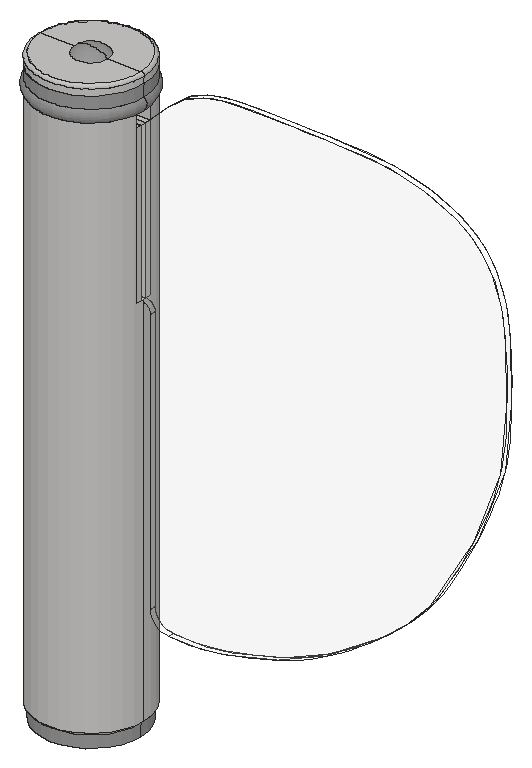
Revit family "CAME_Турникет_Калитка_WING40_Автоматическая", category Специальное оборудование, Revit 2019
Family settings
  Размер круглого соединителя = Использовать диаметр
  Тип детали = Нормальный
  На основе рабочей плоскости = Нет
  Всегда вертикально = Да
  При загрузке вырезать с полостями = Нет
  Общий = Нет
  Точка расчета площади = Нет
Parameters (values of type "со створкой из закаленного стекла 600 мм")
  Ширина створки = 600 mm
  Тип створки = CAME_Створка_WING40 : 600 закаленное стекло
  Описание = "Турникет-калитка моторизованная (стойка без створки). Оснащена платой управления и светодиодным индикатором. Сервопозиционный электропривод створки с определением препятствий и разблокировкой при отключении электропитания. Встроенный блок питания."
  Изготовитель = "CAME"  # constant formula
  Группа модели = "Турникеты"  # constant formula
  Watermark [instance] = "Модели защищены уникальным кодом"
  URL = "https://camerussia.com"
  CAME_Тип механизма турникета = "моторизованный"  # constant formula
  CAME_Напряжение электропитания двигателя (В) = 24 V  # constant formula
  CAME_Максимальное количество проходов в минуту = "12"  # constant formula
  CAME_Класс защиты (IP) = "40"  # constant formula
  CAME_Интенсивность использования (%) = "ИНТЕНСИВНОЕ"  # constant formula
  CAME_Диапазон рабочих температур (°C) = "-20 ÷ +55"  # constant formula
  CAME_Время открывания (с) = "1"  # constant formula
  BL_Разработано = "support@bimlib.pro"  # constant formula
  BL_Email = "cru.info@came.com"  # constant formula
  BL_BIM library = "https://bimlib.pro/manufacturer/came/cf0b6efe-31e5-4ffa-b7ea-1d6fa84041d4/?tab=products"
  ADSK_Размер_Ширина = ADSK_Размер_Диаметр + Ширина створки  # 774 mm
  ADSK_Размер_Диаметр = 174 mm  # constant formula
  ADSK_Размер_Высота = 986 mm  # constant formula
  ADSK_Полная мощность = ADSK_Номинальная мощность / ADSK_Коэффициент мощности  # 125 VA
  ADSK_Обозначение = "ТУ 26.30.50-001-89603926-2021"  # constant formula
  ADSK_Номинальная мощность = 120 W  # constant formula
  ADSK_Напряжение = 230 V  # constant formula
  ADSK_Наименование краткое = "Турникет-калитка WING 40"  # constant formula
  ADSK_Наименование = "Турникет-калитка моторизованная WING 40 (стойка без створки)"  # constant formula
  ADSK_Масса_Текст = "24.5"  # constant formula
  ADSK_Масса = 24.5  # constant formula
  ADSK_Марка = "АРТ:001PSWNG40"  # constant formula
  ADSK_Коэффициент мощности = 0.96
  ADSK_Количество фаз = 1  # constant formula
  ADSK_Количество = 1  # constant formula
  ADSK_Код изделия = "Код КСР 26.30.50.119.61.2.07.09"  # constant formula
  ADSK_Классификация нагрузок = Прочее
  ADSK_Завод-изготовитель = "CAME"  # constant formula
  ADSK_Единица измерения = "шт."  # constant formula
  ADSK_Группирование = "WING"  # constant formula
  ADSK_Версия семейства = "1.0"  # constant formula
  ADSK_Версия Revit = "2019"  # constant formula
  ADSK_URL страницы изделия = "https://camerussia.com/product/001pswng40/"
  ADSK_URL документации изделия = "https://camerussia.com/uploads/support/instructions/files/119G3565RU.pdf"
Types (5, lengths in mm): name | Ширина створки | Тип створки | ADSK_Размер_Ширина
  (no name) | 600 | CAME_Створка_WING40 : 600 закаленное стекло | 774
  со створкой из закаленного стекла 600 мм | 600 | CAME_Створка_WING40 : 600 закаленное стекло | 774
  со створкой из закаленного стекла 900 мм | 900 | CAME_Створка_WING40 : 900 закаленное стекло | 1074
  со створкой из органического стекла 600 мм | 600 | CAME_Створка_WING40 : 600 оргстекло | 774
  со створкой из органического стекла 900 мм | 900 | CAME_Створка_WING40 : 900 оргстекло | 1074
Reference planes
  plane 1 "По центру (Вперед/Назад)": y = 0
  plane 2: z = 0
  plane 3 "По центру (Влево/Вправо)": x = 0
  plane 4: y = 87
  plane 5: y = -87
  plane 6: z = 986
  plane 7: x = 87
  plane 8: x = -87
  plane 9: x = 687
  plane 10: z = 976
  plane 11: z = 961
  plane 12: z = 921
  plane 13: z = 25
  plane 14: z = 976
  plane 15: x = 27.475
  plane 16: z = 20
  plane 17: z = 25
  plane 18: x = 82
  plane 19: x = 72
  plane 20: z = 961
  plane 21: z = 921
  plane 22: z = 941
  plane 23: x = 67
  plane 24: z = 166
Forms (mm)
  Extrusion 1, solid, material "CAME_Сталь_Нержавеющая_AISI 304", detail levels medium
    sketch origin (0, 0, 0) x (1, 0, 0) y (0, 1, 0)
      loop
        circle (0, 0) r 87
    from 0 to 986
  Revolve 2, solid, material "CAME_Сталь_Нержавеющая_AISI 304", detail levels fine
    sketch origin (0, 0, 0) x (1, 0, 0) y (0, 0, 1)
      loop
        line (0, 25) -> (87, 25) -> (87, 921) -> (67, 921) -> (67, 961) -> (87, 961) -> (87, 971)
        arc (87, 971) -> (85.536, 974.536) -> (82, 976) r 5
        line (82, 976) -> (0, 976) -> (0, 25)
      axis (0, 976) -> (0, 25)
    angle from 0 to 360
  Revolve 3, solid, material "CAME_Пластик_Черный", detail levels fine
    sketch origin (0, 0, 0) x (1, 0, 0) y (0, 0, 1)
      loop
        line (0, 0) -> (82, 0) -> (82, 20) -> (72, 20) -> (72, 25) -> (0, 25) -> (0, 0)
      loop
        arc (27.475, 976) -> (14.685, 983.602) -> (0, 986) r 39.973
        line (0, 986) -> (0, 976) -> (27.475, 976)
      axis (0, 986) -> (0, 0)
    angle from 0 to 360
  Revolve 4, solid, material "Индикатор красный", detail levels fine
    sketch origin (0, 0, 0) x (1, 0, 0) y (0, 0, 1)
      loop
        line (67, 921) -> (87, 921)
        arc (87, 921) -> (90.82, 931) -> (87, 941) r 15
        line (87, 941) -> (87, 961) -> (67, 961) -> (67, 921)
      axis (0, 961) -> (0, 921)
    angle from 0 to 360
  Extrusion 5, void
    sketch origin (-925.693, -1524, 986) x (0, -1, 0) y (-1, 0, 0)
      loop
        line (-1509, -1011.39) -> (-1509, -940.693)
        arc (-1509, -940.693) -> (-1524, -904.48) -> (-1539, -940.693) r 21.213
        line (-1539, -940.693) -> (-1539, -1011.39)
        arc (-1539, -1011.39) -> (-1524, -1012.693) -> (-1509, -1011.39) r 87
    from 65 to 343
Cuts and joins
  Extrusion 5 cuts Revolve 2
Lines and regions (mm)
  model lines, style "CAME", detail levels coarse
    curve 1: circle (0, 0, 0) r 87 normal (0, 0, 1)
    curve 2: line (87, 0, 0) -> (687, 0, 0)
Dimensions and locks
  equal spacing: plane 5, plane 1 "По центру (Вперед/Назад)", plane 4
  "ADSK_Размер_Диаметр": plane 5 to plane 4
  "ADSK_Размер_Высота": plane 6 to plane 2
  equal spacing: plane 8, plane 3 "По центру (Влево/Вправо)", plane 7
  "ADSK_Размер_Диаметр": plane 8 to plane 7
  "ADSK_Размер_Ширина": plane 8 to plane 9
  locked: plane 13 to plane 2 at 25
  plane 6 to plane 10 to plane 11 to plane 12 = 10 mm locked, 15 mm locked, 40 mm locked
  locked: plane 15 to plane 3 "По центру (Влево/Вправо)" at 27.475
  locked: plane 6 to plane 14 at 10
  plane 17 to plane 16 to plane 2 = 5 mm locked, 20 mm locked
  plane 19 to plane 18 to plane 7 = 10 mm locked, 5 mm locked
  plane 6 to plane 20 to plane 22 to plane 21 = 25 mm locked, 20 mm locked, 20 mm locked
  locked: plane 23 to plane 7 at 20
  locked: Revolve 2 sketch curve to plane 7 at 20
  locked: plane 24 to plane 2 at 166
  "ADSK_Размер_Диаметр": diameter of Extrusion 1 sketch curve
  "ADSK_Размер_Диаметр": diameter of curve 1
  radius of Revolve 3 sketch curve = 39.973 mm
  radius of Revolve 4 sketch curve = 15 mm
  aligned and locked: level to plane 2
  aligned and locked: plane 1 "По центру (Вперед/Назад)" to Extrusion 1 sketch curve
  aligned and locked: plane 3 "По центру (Влево/Вправо)" to Extrusion 1 sketch curve
  aligned and locked: plane 6 to Extrusion 1
  aligned and locked: plane 3 "По центру (Влево/Вправо)" to curve 1
  aligned and locked: plane 1 "По центру (Вперед/Назад)" to curve 1
  aligned and locked: plane 1 "По центру (Вперед/Назад)" to curve 2
  aligned and locked: plane 9 to curve 2
  aligned and locked: Revolve 2 sketch curve to plane 3 "По центру (Влево/Вправо)"
  aligned and locked: plane 3 "По центру (Влево/Вправо)" to Revolve 2 sketch curve
  aligned and locked: plane 13 to Revolve 2 sketch curve
  aligned and locked: Revolve 2 sketch curve to plane 7
  aligned and locked: plane 7 to Revolve 2 sketch curve
  aligned and locked: Revolve 2 sketch curve to plane 11
  aligned and locked: Revolve 2 sketch curve to plane 10
  aligned and locked: Revolve 3 sketch curve to plane 3 "По центру (Влево/Вправо)"  (x2)
  aligned and locked: Revolve 3 sketch curve to plane 2
  aligned and locked: Revolve 3 sketch curve to plane 17
  aligned and locked: Revolve 3 sketch curve to plane 19
  aligned and locked: Revolve 3 sketch curve to plane 16
  aligned and locked: Revolve 3 sketch curve to plane 18
  aligned and locked: plane 3 "По центру (Влево/Вправо)" to Revolve 3 sketch curve
  aligned and locked: plane 14 to Revolve 3 sketch curve
  aligned and locked: plane 15 to Revolve 3 sketch curve
  aligned and locked: plane 6 to Revolve 3 sketch curve
  aligned and locked: Revolve 4 sketch curve to plane 3 "По центру (Влево/Вправо)"
  aligned and locked: Revolve 4 sketch curve to plane 20
  aligned and locked: Revolve 4 sketch curve to plane 7
  aligned and locked: plane 22 to Revolve 4 sketch curve
  aligned and locked: plane 21 to Revolve 4 sketch curve
  aligned and locked: Revolve 2 sketch curve to plane 12
  aligned and locked: plane 23 to Revolve 4 sketch curve
  aligned and locked: plane 3 "По центру (Влево/Вправо)" to nested 1
  aligned and locked: plane 1 "По центру (Вперед/Назад)" to nested 1
  aligned and locked: Extrusion 5 sketch curve to nested 2
  aligned and locked: nested 2 to Extrusion 5 sketch curve
Automatic sketch dimensions
  Revolve 3 sketch curve to Revolve 3 sketch curve = 366.045 mm
  Revolve 3 sketch curve to Revolve 3 sketch curve = 1228.315 mm
  plane 7 to Revolve 4 sketch curve = 0 mm
  Revolve 4 sketch curve to level = 366.045 mm
  plane 6 to Revolve 4 sketch curve = 1228.315 mm
  Revolve 2 sketch curve to plane 6 = 0 mm
  Revolve 2 sketch curve to Revolve 2 sketch curve = 5 mm
  Revolve 2 sketch curve to level = 366.045 mm
  Extrusion 5 sketch curve to Extrusion 5 sketch curve = 0 mm  (x3)
  plane 1 "По центру (Вперед/Назад)" to Extrusion 5 sketch curve = 0 mm
  Extrusion 5 sketch curve to plane 3 "По центру (Влево/Вправо)" = 0 mm
  plane 3 "По центру (Влево/Вправо)" to Extrusion 5 sketch curve = 15 mm
  plane 7 to Extrusion 5 sketch curve = 1.303 mm
Nested families
  nested 1: "CAME_Створка_WING40" at (0, 0, 0), type <- "Тип створки", type "600 закаленное стекло"
  nested 2: "CAME_КомплектКрепления_Створки_PSWLC" at (0, 0, 643), type "PSWLC"
Connectors
  electrical at (0, 0, 0), driven by "ADSK_Количество фаз", driven by "ADSK_Классификация нагрузок", driven by "ADSK_Напряжение", driven by "ADSK_Полная мощность", driven by "ADSK_Коэффициент мощности"
    settings: on Extrusion 1, index 1, voltage 230 V, apparent load 0 VA, apparent load phase1 125 VA, apparent load phase2 0 VA, apparent load phase3 0 VA, power factor 0.96, load classification "Прочее", number of poles 1, system type 31, power factor state 1, is connector primary yes, connector utility no, sub classification motor no, connector description ""
Definition of nested family "CAME_Створка_WING40"
  Parameters (values of type "900 оргстекло")
    Description = "Створка Wing 900 мм из 10 мм органического стекла, с комплектом крепления створки."
    Материал створки = none
    Manufacturer = "CAME"  # constant formula
    Model = "Турникеты"  # constant formula
    URL = "https://camerussia.com"
    BL_Разработано = "support@bimlib.pro"  # constant formula
    BL_Email = "cru.info@came.com"  # constant formula
    BL_BIM library = "https://bimlib.pro/manufacturer/came/cf0b6efe-31e5-4ffa-b7ea-1d6fa84041d4/?tab=products"
    ADSK_Размер_Диаметр = 174 mm  # constant formula
    ADSK_Размер_Высота = 986 mm  # constant formula
    ADSK_Обозначение = "ТУ 26.30.50-001-89603926-2021"  # constant formula
    ADSK_Наименование краткое = "Створка 900 мм WING 40 из оргстекла"
    ADSK_Наименование = "Створка 900 мм из органического стекла для WING 40"
    ADSK_Масса_Текст = "12.15"
    ADSK_Масса = 12.15
    ADSK_Марка = "АРТ:001PSWL90"
    ADSK_Количество = 1  # constant formula
    ADSK_Код изделия = "Код КСР 26.30.50.119.61.2.07.09"  # constant formula
    ADSK_Завод-изготовитель = "CAME"  # constant formula
    ADSK_Единица измерения = "шт."  # constant formula
    ADSK_Группирование = "WING"  # constant formula
    ADSK_Версия семейства = "1.0"  # constant formula
    ADSK_Версия Revit = "2019"  # constant formula
    ADSK_URL страницы изделия = "https://camerussia.com/product/001pswl90/"
    ADSK_URL документации изделия = "https://camerussia.com/uploads/support/instructions/files/119G3565RU.pdf"
    900 = yes
    600 = no
  Types (4, lengths in mm): name | Description | ADSK_Наименование краткое | ADSK_Наименование | ADSK_Масса_Текст | ADSK_Масса | ADSK_Марка | ADSK_URL страницы изделия | 900 | 600
    600 оргстекло | "Створка Wing 600 мм из поликарбоната, с комплектом крепления створки." | "Створка 600 мм WING 40 из оргстекла" | "Створка 600 мм из органического стекла для WING 40" | "9" | 9 | "АРТ:001PSWL60" | "https://camerussia.com/product/001pswl60/" | no | yes
    600 закаленное стекло | "Створка Wing 600 мм из 10 мм закаленного стекла, с комплектом крепления створки." | "Створка 600 мм WING 40 из зак. стекла" | "Створка 600 мм из закаленного стекла для WING 40" | "15" | 15 | "АРТ:001PSWL60C" | "https://camerussia.com/product/001pswl60c/" | no | yes
    900 закаленное стекло | "Створка Wing 900 мм из 10 мм закаленного стекла, с комплектом крепления створки." | "Створка 900 мм WING 40 из зак. стекла" | "Створка 900 мм из закаленного стекла для WING 40" | "20" | 20 | "АРТ:001PSWL90C" | "https://camerussia.com/product/001pswl90c/" | yes | no
    900 оргстекло | "Створка Wing 900 мм из 10 мм органического стекла, с комплектом крепления створки." | "Створка 900 мм WING 40 из оргстекла" | "Створка 900 мм из органического стекла для WING 40" | "12.15" | 12.15 | "АРТ:001PSWL90" | "https://camerussia.com/product/001pswl90/" | yes | no
  Reference planes
    plane 1 "По центру (Вперед/Назад)": y = 0
    plane 2: z = 0
    plane 3 "По центру (Влево/Вправо)": x = 0
    plane 4: x = -87
    plane 5: x = 87
    plane 6: x = 687
    plane 7: x = 987
    plane 8: z = 986
    plane 9: z = 900
    plane 10: z = 166
  Forms (mm)
    Extrusion 1, solid, material <- "Материал створки", visible <- "600", detail levels fine
      sketch origin (0, 0, 0) x (1, 0, 0) y (0, 0, 1)
        loop
          arc (101.987, 195.986) -> (110.772, 174.778) -> (131.98, 165.994) r 29.992
          spline (131.98, 165.994) -> (296.408, 189.168) -> (407.384, 236.899) -> (510.473, 309.997) -> (593.972, 410.156) -> (654.877, 532.13) -> (683.865, 650.103) -> (685.249, 772.856) -> (659.386, 887.572) -> (571.867, 958.503) -> (437.212, 985.133) -> (312.423, 985.724) -> (126.5, 939.5)
          line (126.5, 939.5) -> (87, 900) -> (67.5, 900)
          arc (67.5, 900) -> (63.964, 898.536) -> (62.5, 895) r 5
          line (62.5, 895) -> (62.5, 663)
          arc (62.5, 663) -> (68.358, 648.858) -> (82.5, 643) r 20
          line (82.5, 643) -> (86.807, 643)
          arc (86.807, 643) -> (97.53, 638.675) -> (101.987, 628.007) r 14.994
          line (101.987, 628.007) -> (101.987, 195.986)
      from -5 to 5
    Extrusion 2, solid, material <- "Материал створки", visible <- "900", detail levels fine
      sketch origin (0, 0, 0) x (1, 0, 0) y (0, 0, 1)
        loop
          arc (101.987, 202.423) -> (110.71, 181.278) -> (131.803, 172.431) r 29.992
          spline (131.803, 172.431) -> (351.163, 169.162) -> (526.678, 210.779) -> (667.806, 281.245) -> (807.826, 403.073) -> (916.125, 562.226) -> (974.321, 720.789) -> (973.22, 864.267) -> (830.534, 952.928) -> (654.514, 978.05) -> (490.09, 985.365) -> (284.785, 979.317) -> (87, 900)
          line (87, 900) -> (67.5, 900)
          arc (67.5, 900) -> (63.964, 898.536) -> (62.5, 895) r 5
          line (62.5, 895) -> (62.5, 663)
          arc (62.5, 663) -> (68.358, 648.858) -> (82.5, 643) r 20
          line (82.5, 643) -> (86.807, 643)
          arc (86.807, 643) -> (97.53, 638.675) -> (101.987, 628.007) r 14.994
          line (101.987, 628.007) -> (101.987, 202.423)
      from -5 to 5
    Extrusion 3, void
      sketch origin (0, 0, 0) x (1, 0, 0) y (0, 1, 0)
        loop
          circle (0, 0) r 87
      from 0 to 986
    Extrusion 4, solid, material <- "Материал створки", visible <- "600", detail levels medium
      sketch origin (0, 0, 0) x (1, 0, 0) y (0, 0, 1)
        loop
          spline (131.98, 165.994) -> (296.408, 189.168) -> (407.384, 236.899) -> (510.473, 309.997) -> (593.972, 410.156) -> (654.877, 532.13) -> (683.865, 650.103) -> (685.249, 772.856) -> (659.386, 887.572) -> (571.867, 958.503) -> (437.212, 985.133) -> (312.423, 985.724) -> (126.5, 939.5)
          line (126.5, 939.5) -> (0, 813) -> (0, 165.994) -> (131.98, 165.994)
      from -5 to 5
    Extrusion 5, solid, material <- "Материал створки", visible <- "900", detail levels medium
      sketch origin (0, 0, 0) x (1, 0, 0) y (0, 0, 1)
        loop
          spline (131.803, 172.431) -> (351.163, 169.162) -> (526.678, 210.779) -> (667.806, 281.245) -> (807.826, 403.073) -> (916.125, 562.226) -> (974.321, 720.789) -> (973.22, 864.267) -> (830.534, 952.928) -> (654.514, 978.05) -> (490.09, 985.365) -> (284.785, 979.317) -> (87, 900)
          line (87, 900) -> (0, 813) -> (0, 193.307) -> (131.803, 172.431)
      from -5 to 5
  Cuts and joins
    Extrusion 3 cuts Extrusion 4
    Extrusion 3 cuts Extrusion 5
  Dimensions and locks
    equal spacing: plane 4, plane 3 "По центру (Влево/Вправо)", plane 5
    "ADSK_Размер_Диаметр": plane 4 to plane 5
    locked: plane 5 to plane 6 at 600
    locked: plane 5 to plane 7 at 900
    "ADSK_Размер_Высота": plane 8 to plane 2
    locked: plane 8 to plane 10 at 820
    locked: plane 8 to plane 9 at 86
    "ADSK_Размер_Диаметр": diameter of Extrusion 3 sketch curve
    aligned and locked: level to plane 2
    aligned and locked: plane 3 "По центру (Влево/Вправо)" to nested 1
    aligned and locked: plane 1 "По центру (Вперед/Назад)" to nested 1
    aligned and locked: plane 8 to nested 1
    aligned and locked: plane 1 "По центру (Вперед/Назад)" to Extrusion 3 sketch curve
    aligned and locked: plane 3 "По центру (Влево/Вправо)" to Extrusion 3 sketch curve
    aligned and locked: Extrusion 3 to nested 1
    aligned and locked: Extrusion 3 to level
    aligned and locked: Extrusion 4 sketch curve to plane 3 "По центру (Влево/Вправо)"
    aligned and locked: Extrusion 4 sketch curve to Extrusion 1
    aligned and locked: Extrusion 5 sketch curve to plane 3 "По центру (Влево/Вправо)"
  Automatic sketch dimensions
    Extrusion 1 sketch curve to plane 9 = 0 mm
    Extrusion 1 sketch curve to plane 5 = 0 mm
    Extrusion 1 sketch curve to plane 5 = 0.007 mm
    Extrusion 1 sketch curve to plane 5 = 0.193 mm
    Extrusion 1 sketch curve to Extrusion 1 sketch curve = 4.307 mm
    Extrusion 1 sketch curve to plane 9 = 5 mm
    Extrusion 1 sketch curve to plane 5 = 19.5 mm
    plane 5 to Extrusion 1 sketch curve = 14.987 mm
    plane 5 to Extrusion 1 sketch curve = 39.5 mm
    plane 10 to Extrusion 1 sketch curve = 0.006 mm
    Extrusion 1 sketch curve to Extrusion 1 sketch curve = 29.992 mm
    Extrusion 1 sketch curve to Extrusion 1 sketch curve = 266.993 mm
    plane 9 to Extrusion 1 sketch curve = 39.5 mm
    Extrusion 2 sketch curve to plane 9 = 0 mm
    Extrusion 2 sketch curve to plane 5 = 0 mm
    Extrusion 2 sketch curve to plane 5 = 0.007 mm
    Extrusion 2 sketch curve to plane 5 = 0.193 mm
    Extrusion 2 sketch curve to plane 5 = 4.5 mm
    Extrusion 2 sketch curve to plane 9 = 5 mm
    Extrusion 2 sketch curve to plane 5 = 19.5 mm
    plane 5 to Extrusion 2 sketch curve = 14.987 mm
    Extrusion 2 sketch curve to plane 10 = 6.431 mm
    Extrusion 2 sketch curve to Extrusion 2 sketch curve = 29.815 mm
    Extrusion 2 sketch curve to Extrusion 2 sketch curve = 29.992 mm
    Extrusion 2 sketch curve to Extrusion 2 sketch curve = 266.993 mm
    plane 5 to Extrusion 4 sketch curve = 39.5 mm
    Extrusion 4 sketch curve to plane 9 = 87 mm
    plane 9 to Extrusion 4 sketch curve = 39.5 mm
    plane 5 to Extrusion 4 sketch curve = 44.98 mm
    Extrusion 5 sketch curve to plane 5 = 0 mm
    Extrusion 5 sketch curve to plane 9 = 0 mm
    Extrusion 5 sketch curve to plane 10 = 6.431 mm
    plane 5 to Extrusion 5 sketch curve = 44.803 mm
    Extrusion 5 sketch curve to plane 10 = 27.307 mm
    Extrusion 5 sketch curve to plane 9 = 87 mm
  Nested families
    nested 1: "CAME_КомплектКрепления_Створки_PSWLC" at (0, 0, 643), type "PSWLC"
  Definition of nested family "CAME_КомплектКрепления_Створки_PSWLC"
    Parameters (values of type "PSWLC")
      Description = "Стальной зажим с уплотнителями для крепления самостоятельно изготовленной створки из стекла 8-10 мм. *доступно изготовление и поставка заказных створок — от 5 рабочих дней."
      Manufacturer = "CAME"  # constant formula
      Model = "Турникеты"
      URL = "https://camerussia.com"
      BL_Разработано = "support@bimlib.pro"  # constant formula
      BL_Email = "cru.info@came.com"  # constant formula
      BL_BIM library = "https://bimlib.pro/manufacturer/came/cf0b6efe-31e5-4ffa-b7ea-1d6fa84041d4/?tab=products"
      ADSK_Обозначение = "ТУ 26.30.50-001-89603926-2021"  # constant formula
      ADSK_Наименование краткое = "Комплект крепления дизайн. створки WING 40"  # constant formula
      ADSK_Наименование = "Комплект крепления сторонней (дизайнерской) створки для WING 40"  # constant formula
      ADSK_Масса_Текст = "2.76"  # constant formula
      ADSK_Масса = 2.76  # constant formula
      ADSK_Марка = "АРТ: 001PSWLC"  # constant formula
      ADSK_Количество = 1  # constant formula
      ADSK_Код изделия = "Код КСР 26.30.50.119.61.2.07.09"  # constant formula
      ADSK_Завод-изготовитель = "CAME"  # constant formula
      ADSK_Единица измерения = "шт."  # constant formula
      ADSK_Группирование = "WING"  # constant formula
      ADSK_Версия семейства = "1.0"  # constant formula
      ADSK_Версия Revit = "2019"  # constant formula
      ADSK_URL страницы изделия = "https://camerussia.com/product/001pswlc/"
      ADSK_URL документации изделия = "https://camerussia.com/uploads/support/instructions/files/119G3717.pdf"
    Reference planes
      plane 1 "По центру (Вперед/Назад)": y = 0
      plane 2: z = 0
      plane 3 "По центру (Влево/Вправо)": x = 0
      plane 4: z = 257
      plane 5: z = 343
      plane 6: z = 237
      plane 7: z = 20
    Forms (mm)
      Extrusion 1, solid, detail levels fine
        sketch origin (0, 0, 0) x (1, 0, 0) y (0, 1, 0)
          loop
            line (-15, -15) -> (85, -15) -> (85, -5) -> (35, -5) -> (35, 5) -> (85, 5) -> (85, 15) -> (-15, 15) -> (-15, -15)
        from 20 to 237
      Extrusion 2, solid, detail levels fine
        sketch origin (0, 0, 0) x (1, 0, 0) y (0, 1, 0)
          loop
            circle (0, 0) r 15
        from -50 to 257
      Extrusion 3, solid, detail levels fine
        sketch origin (0, 0, 0) x (1, 0, 0) y (0, 1, 0)
          loop
            line (35, -5) -> (35, 5) -> (85, 5) -> (85, 15) -> (25, 15) -> (25, -15) -> (85, -15) -> (85, -5) -> (35, -5)
        from 0 to 257
    Cuts and joins
      joined: Extrusion 1, Extrusion 2, Extrusion 3
    Dimensions and locks
      locked: plane 4 to plane 2 at 257
      locked: plane 5 to plane 4 at 86
      locked: plane 4 to plane 6 at 20
      locked: plane 7 to plane 2 at 20
      locked: plane 3 "По центру (Влево/Вправо)" to Extrusion 3 sketch curve at 25
      aligned and locked: level to plane 2
      aligned and locked: plane 7 to Extrusion 1
      aligned and locked: Extrusion 1 to plane 6
      aligned and locked: plane 4 to Extrusion 2
      aligned and locked: Extrusion 3 sketch curve to Extrusion 1  (x6)
      aligned and locked: Extrusion 1 to Extrusion 3 sketch curve
      aligned and locked: plane 4 to Extrusion 3
      aligned and locked: Extrusion 3 to level
Definition of nested family "CAME_КомплектКрепления_Створки_PSWLC"
  Parameters (values of type "PSWLC")
    Description = "Стальной зажим с уплотнителями для крепления самостоятельно изготовленной створки из стекла 8-10 мм. *доступно изготовление и поставка заказных створок — от 5 рабочих дней."
    Manufacturer = "CAME"  # constant formula
    Model = "Турникеты"
    URL = "https://camerussia.com"
    BL_Разработано = "support@bimlib.pro"  # constant formula
    BL_Email = "cru.info@came.com"  # constant formula
    BL_BIM library = "https://bimlib.pro/manufacturer/came/cf0b6efe-31e5-4ffa-b7ea-1d6fa84041d4/?tab=products"
    ADSK_Обозначение = "ТУ 26.30.50-001-89603926-2021"  # constant formula
    ADSK_Наименование краткое = "Комплект крепления дизайн. створки WING 40"  # constant formula
    ADSK_Наименование = "Комплект крепления сторонней (дизайнерской) створки для WING 40"  # constant formula
    ADSK_Масса_Текст = "2.76"  # constant formula
    ADSK_Масса = 2.76  # constant formula
    ADSK_Марка = "АРТ: 001PSWLC"  # constant formula
    ADSK_Количество = 1  # constant formula
    ADSK_Код изделия = "Код КСР 26.30.50.119.61.2.07.09"  # constant formula
    ADSK_Завод-изготовитель = "CAME"  # constant formula
    ADSK_Единица измерения = "шт."  # constant formula
    ADSK_Группирование = "WING"  # constant formula
    ADSK_Версия семейства = "1.0"  # constant formula
    ADSK_Версия Revit = "2019"  # constant formula
    ADSK_URL страницы изделия = "https://camerussia.com/product/001pswlc/"
    ADSK_URL документации изделия = "https://camerussia.com/uploads/support/instructions/files/119G3717.pdf"
  Reference planes
    plane 1 "По центру (Вперед/Назад)": y = 0
    plane 2: z = 0
    plane 3 "По центру (Влево/Вправо)": x = 0
    plane 4: z = 257
    plane 5: z = 343
    plane 6: z = 237
    plane 7: z = 20
  Forms (mm)
    Extrusion 1, solid, detail levels fine
      sketch origin (0, 0, 0) x (1, 0, 0) y (0, 1, 0)
        loop
          line (-15, -15) -> (85, -15) -> (85, -5) -> (35, -5) -> (35, 5) -> (85, 5) -> (85, 15) -> (-15, 15) -> (-15, -15)
      from 20 to 237
    Extrusion 2, solid, detail levels fine
      sketch origin (0, 0, 0) x (1, 0, 0) y (0, 1, 0)
        loop
          circle (0, 0) r 15
      from -50 to 257
    Extrusion 3, solid, detail levels fine
      sketch origin (0, 0, 0) x (1, 0, 0) y (0, 1, 0)
        loop
          line (35, -5) -> (35, 5) -> (85, 5) -> (85, 15) -> (25, 15) -> (25, -15) -> (85, -15) -> (85, -5) -> (35, -5)
      from 0 to 257
  Cuts and joins
    joined: Extrusion 1, Extrusion 2, Extrusion 3
  Dimensions and locks
    locked: plane 4 to plane 2 at 257
    locked: plane 5 to plane 4 at 86
    locked: plane 4 to plane 6 at 20
    locked: plane 7 to plane 2 at 20
    locked: plane 3 "По центру (Влево/Вправо)" to Extrusion 3 sketch curve at 25
    aligned and locked: level to plane 2
    aligned and locked: plane 7 to Extrusion 1
    aligned and locked: Extrusion 1 to plane 6
    aligned and locked: plane 4 to Extrusion 2
    aligned and locked: Extrusion 3 sketch curve to Extrusion 1  (x6)
    aligned and locked: Extrusion 1 to Extrusion 3 sketch curve
    aligned and locked: plane 4 to Extrusion 3
    aligned and locked: Extrusion 3 to level
